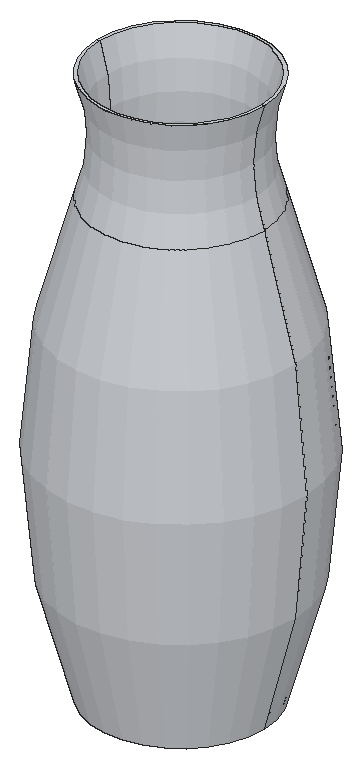
Revit family "VASO", category Generic Models, Revit 2018
Family settings
  Can host rebar = No
  Round Connector Dimension = Use Diameter
  Part Type = Normal
  Work Plane-Based = No
  Always vertical = Yes
  Cut with Voids When Loaded = No
  Shared = No
  Room Calculation Point = No
Reference planes (cm)
  plane 1 "Centro (Frente/Trás)": y = 0
  plane 2: z = 0
  plane 3 "Centro (Esquerda/Direita)": x = 0
Forms (cm)
  Revolve 1, solid
    sketch origin (0, 0, 0) x (1, 0, 0) y (0, 0, 1)
      loop
        arc (6.013, 0) -> (9, 16) -> (6.013, 32) r 44.3452
        arc (6.013, 32) -> (5.2662, 36) -> (6.013, 40) r 11.0863
        line (6.013, 40) -> (5.7988, 40)
        arc (5.7988, 40) -> (5.0663, 35.9614) -> (5.8264, 31.9278) r 11.2863
        arc (5.8264, 31.9278) -> (8.7999, 16.0703) -> (5.8769, 0.2033) r 44.1452
        line (5.8769, 0.2033) -> (0, 0.2033) -> (0, 0) -> (6.013, 0)
      axis (0, 0) -> (0, 40)
    angle from 0 to 360
Dimensions and locks (cm)
  aligned and locked: level to plane 2
